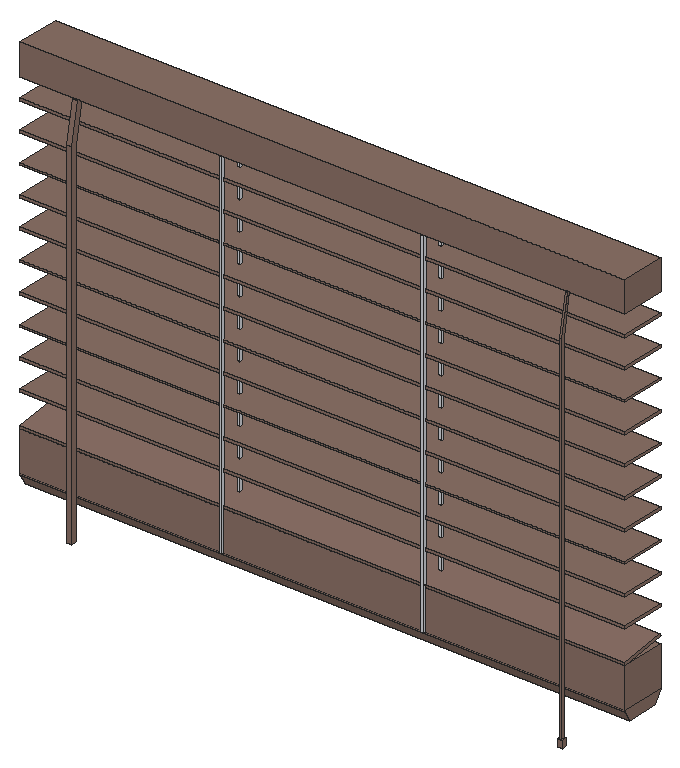
Revit family "Window-Treatment_Wood-Blinds_SWFcontract_Horizontal", category Specialty Equipment, Revit 2026
Family settings
  Round Connector Dimension = Use Diameter
  Part Type = Normal
  Classification Number = 23.30.60.14.11.11
  Work Plane-Based = Yes
  Enable Cutting in Views = No
  Always vertical = No
  Cut with Voids When Loaded = No
  Maintain Annotation Orientation = No
  Shared = No
  Room Calculation Point = No
Parameters
  slatvis [instance] = not(Percent Open > 90)  # yes
  lastslat [instance] = not(Percent Open > 95)  # yes
  Slat Width = 0' - 2 3/8"
  slatstackvis [instance] = Percent Open > 0  # yes
  slatstackdepthcount [instance] = ((Unit Height - (Header Height + 0' 0 5/8")) - percentopen) / 0' 1"  # 17
  slatstackdepth [instance] = if(slatstackvis, slatstackdepthcount * 0' 0 1/8", 0' 0")  # 0' - 2 1/8"
  percentopenknob [instance] = (Unit Height - (0' 10")) - ((Unit Height - (0' 10")) * (Percent Open / 100))  # 1' - 1"
  percentopen [instance] = (Unit Height - (Header Height + 0' 1")) - ((Unit Height - (Header Height + 0' 1")) * (Percent Open / 100))  # 1' - 4 11/16"
  Include Fabric Tapes [instance] = no
  Header Height = 0' - 1 5/8"
  Header Depth = 0' - 2 3/8"
  handlelength = Unit Height * 0.625  # 1' - 10 1/2"
  Warranty Duration (Years) = 0
  Unit Width = 2' - 8"
  Unit Height = 3' - 0"
  URL = "http://www.swfcontract.com/Pages/Home.aspx"
  Specification = "http://www.arcat.com/sdspecs/htm/12490swf.htm"
  SpecWizard = "http://www.arcat.com/specwizard/clients/springsw.html?coid=46294"
  Slat Spacing = 0' - 1 3/4"
  Slat Rotation [instance] = 0.00°
  Slat Count [instance] = if((percentopen / 2) < 0' 1 1/2", 2, (percentopen) / Slat Spacing)  # 10
  Send Message = "http://www.arcat.com/users.pl?action=UserEmail&company=SWFcontract&coid=46294&rep=147&fax=&mf="
  Sales Information = "http://www.swfcontract.com/Pages/Contact-Us.aspx"
  Revision = "R1_03-2014"
  Product Properties = ""
  Product Data = "http://www.arcat.com/arcatcos/cos46/arc46294.html"
  Percent Open [instance] = 50
  Model = "As Specified"
  Manufacturer Website = "http://www.swfcontract.com/Pages/Home.aspx"
  Manufacturer Phone - Toll Free = "800-327-9798"
  Manufacturer Phone = ""
  Manufacturer Fax = ""
  Manufacturer Address = "7549 Graber Rd.  Middleton, WI 53562-1096"
  Manufacturer = "SWFcontract"
  Maintenance Schedule (Months) = 0
  Keynote = "12490"
  Installation-Fabrication = ""
  Installation Phase = ""
  Green Building-LEED = "http://www.arcat.com/green/clients/leed_data_46294.html"
  Fixture Material [instance] = Wood - SWFcontract - Species as Specified Stain or Paint as Specified
  Fabric Tape Width [instance] = 0' - 1 1/2"
  Fabric Color [instance] = Wood - SWFcontract - Color as Specified
  Expected Lifespan (Years) = 0
  Drawn By = "Sumex Design, Inc. / Robert S. Weygant, CSI, CDT, SCIP"
  Description = "SWFcontract Window Treatment as Specified"
  Default Elevation = 0' - 0"
  Copyright = "©Arcat Inc."
  Control Chord Right [instance] = yes
  Control Chord Left [instance] = not(Control Chord Right)  # no
  Construction Details = "http://www.arcat.com/details/springsw/springsw.html?coid=46294"
  Coarse Medium View Blind Material [instance] = Wood - SWFcontract - Species as Specified Slats Stain or Paint as Specified
  Assembly Code = "E2010310"
Reference planes (in)
  plane 1 "Vertical Surface": y = 0
  plane 2 "Bottom": z = 0
  plane 3 "Center (Left/Right)": x = 0
  plane 4 "Left": x = -16
  plane 5 "Right": x = 16
  plane 6 "Top": z = 36
  plane 7: x = -10.66667
  plane 8: x = 10.66667
  plane 9: z = 14.9375
  plane 10: x = -5.33333
  plane 11: x = 5.33333
  plane 12: z = 34.375
  plane 13: z = 15.5625
  plane 14: z = 13
  plane 15: x = 13
  plane 16: x = -13
  plane 17: z = 33.25
  plane 18: z = 32.25
  plane 19: y = -2.375
  plane 20: y = -1.1875
  plane 21: y = 0
  plane 22: y = -2.375
  plane 23: z = 19.4375
  plane 24: z = 17.6875
Forms (in)
  Extrusion 1, solid, material "Wood - SWFcontract - Species as Specified Stain or Paint as Specified" <- "Fixture Material"
    sketch origin (0, 0, 0) x (0, 1, 0) y (0, 0, 1)
      loop
        line (0, 34.375) -> (0, 36) -> (-2.375, 36) -> (-2.375, 34.375) -> (0, 34.375)
    from -16 to 16
  Extrusion 2, solid, material "Wood - SWFcontract - Species as Specified Stain or Paint as Specified" <- "Fixture Material"
    sketch origin (15.5, -180, 2.35823) x (0, 0, 1) y (0, -1, 0)
      loop
        line (13.20427, -177.625) -> (12.57927, -177.98584) -> (12.57927, -179.63916) -> (13.20427, -180) -> (13.20427, -177.625)
    from -31.5 to 0.5
  Extrusion 3, solid, material "Wood - SWFcontract - Species as Specified Slats Stain or Paint as Specified" <- "Coarse Medium View Blind Material", detail levels coarse+medium
    sketch origin (0, 0, 0) x (0, 1, 0) y (0, 0, 1)
      loop
        line (0, 15.5625) -> (0, 34.24782) -> (-2.375, 34.24782) -> (-2.375, 15.5625) -> (0, 15.5625)
    from -16 to 16
  Extrusion 4, solid
    sketch origin (0, 0, 0) x (1, 0, 0) y (0, 1, 0)
      loop
        line (-5.39583, 0.0625) -> (-5.39583, -0.0625) -> (-5.27083, -0.0625) -> (-5.27083, 0.0625) -> (-5.39583, 0.0625)
      loop
        line (-5.39583, -2.3125) -> (-5.39583, -2.4375) -> (-5.27083, -2.4375) -> (-5.27083, -2.3125) -> (-5.39583, -2.3125)
      loop
        line (5.39583, 0.0625) -> (5.27083, 0.0625) -> (5.27083, -0.0625) -> (5.39583, -0.0625) -> (5.39583, 0.0625)
      loop
        line (5.39583, -2.3125) -> (5.27083, -2.3125) -> (5.27083, -2.4375) -> (5.39583, -2.4375) -> (5.39583, -2.3125)
      loop
        line (-5.39583, -1.25) -> (-5.27083, -1.25) -> (-5.27083, -1.125) -> (-5.39583, -1.125) -> (-5.39583, -1.25)
      loop
        line (5.27083, -1.25) -> (5.39583, -1.25) -> (5.39583, -1.125) -> (5.27083, -1.125) -> (5.27083, -1.25)
    from 15.5625 to 34.375
  Extrusion 5, solid, material "Wood - SWFcontract - Species as Specified Stain or Paint as Specified" <- "Fixture Material", visible <- "Control Chord Right"
    sketch origin (13, -180, 73.87488) x (0, 0, 1) y (0, -1, 0)
      loop
        line (-39.49988, -177.53399) -> (-41.5244, -177.15899) -> (-60.49988, -177.15899) -> (-60.49988, -177.25274) -> (-41.53675, -177.25274) -> (-39.49988, -177.63105) -> (-39.49988, -177.53399)
    from 0.04688 to -0.04688
  Extrusion 6, solid, material "Wood - SWFcontract - Species as Specified Stain or Paint as Specified" <- "Fixture Material", visible <- "Control Chord Right"
    sketch origin (13, -180, 73.87488) x (0, 0, 1) y (0, -1, 0)
      loop
        line (-60.49988, -177.08877) -> (-60.87488, -177.08877) -> (-60.87488, -177.33877) -> (-60.49988, -177.33877) -> (-60.49988, -177.08877)
    from 0.125 to -0.125
  Extrusion 7, solid, material "Wood - SWFcontract - Species as Specified Stain or Paint as Specified" <- "Fixture Material", visible <- "Control Chord Right"
    sketch origin (-13, -180, 75.35457) x (0, 0, 1) y (0, -1, 0)
      loop
        line (-40.97957, -177.53399) -> (-43.00409, -177.15899) -> (-61.85457, -177.15899) -> (-61.85457, -177.40047) -> (-43.06879, -177.40047) -> (-40.97957, -177.79281) -> (-40.97957, -177.53399)
    from 0.125 to -0.125
  Extrusion 8, solid, material "Wood - SWFcontract - Species as Specified Stain or Paint as Specified" <- "Fixture Material", visible <- "slatstackvis", detail levels fine
    sketch origin (0, 0, 0) x (0, 1, 0) y (0, 0, 1)
      loop
        line (-2.375, 15.5) -> (0, 15.5) -> (0, 17.6875) -> (-2.375, 17.6875) -> (-2.375, 15.5)
    from -16 to 16
  Extrusion 9, solid, material "Wood - SWFcontract - Species as Specified Stain or Paint as Specified" <- "Fixture Material", visible <- "Control Chord Left"
    sketch origin (13, -180, 73.87488) x (0, 0, 1) y (0, -1, 0)
      loop
        line (-39.49988, -177.53399) -> (-41.5244, -177.15899) -> (-60.37488, -177.15899) -> (-60.37488, -177.40047) -> (-41.58911, -177.40047) -> (-39.49988, -177.79281) -> (-39.49988, -177.53399)
    from 0.125 to -0.125
  Extrusion 10, solid, visible <- "Control Chord Left"
    sketch origin (-13, -180, 75.35457) x (0, 0, 1) y (0, -1, 0)
      loop
        line (-40.97957, -177.53399) -> (-43.00409, -177.15899) -> (-61.97957, -177.15899) -> (-61.97957, -177.25274) -> (-43.01643, -177.25274) -> (-40.97957, -177.63105) -> (-40.97957, -177.53399)
    from 0.04688 to -0.04688
  Extrusion 11, solid, material "Wood - SWFcontract - Species as Specified Stain or Paint as Specified" <- "Fixture Material", visible <- "Control Chord Left"
    sketch origin (-13, -180, 75.35457) x (0, 0, 1) y (0, -1, 0)
      loop
        line (-61.97957, -177.08877) -> (-62.35457, -177.08877) -> (-62.35457, -177.33877) -> (-61.97957, -177.33877) -> (-61.97957, -177.08877)
    from 0.125 to -0.125
  Sweep 12, solid, material "Wood - SWFcontract - Color as Specified" <- "Fabric Color", visible <- "Include Fabric Tapes"
    path origin (0, 0, 0) x (0, 1, 0) y (0, 0, 1)
      loop
        line (-2.375, 34.375) -> (-2.375, 15.5625) -> (-2.01416, 14.9375) -> (-0.36084, 14.9375) -> (0, 15.5625) -> (0, 34.375)
    profile origin (0, -2.375, 24.96875) x (1, 0, 0) y (0, 1, 0)
      loop
        line (-4.58333, 0) -> (-6.08333, 0) -> (-6.08333, -0.09375) -> (-4.58333, -0.09375) -> (-4.58333, 0)
      loop
        line (4.58333, 0) -> (4.58333, -0.09375) -> (6.08333, -0.09375) -> (6.08333, 0) -> (4.58333, 0)
Dimensions and locks (in)
  "Unit Width": plane 4 "Left" to plane 5 "Right"
  "Unit Height": plane 6 "Top" to level
  equal spacing: plane 5 "Right", plane 8, plane 11, plane 3 "Center (Left/Right)", plane 10, plane 7, plane 4 "Left"
  locked: plane 6 "Top" to Extrusion 3 sketch curve at 1.75218
  locked: plane 13 to plane 9 at 0.625
  "Header Height": plane 6 "Top" to plane 12
  Extrusion 4 sketch curve to plane 10 to Extrusion 4 sketch curve = 0' - 0 1/16" locked, 0' - 0 1/16" locked  (x2)
  Extrusion 4 sketch curve to plane 11 to Extrusion 4 sketch curve = 0' - 0 1/16" locked, 0' - 0 1/16" locked  (x3)
  "percentopenknob": plane 14 to level
  locked: Extrusion 5 sketch curve to plane 14 at 0.375
  locked: plane 16 to plane 4 "Left" at 3
  locked: plane 5 "Right" to plane 15 at 3
  locked: Extrusion 6 sketch curve to plane 14 at 0.375
  "handlelength": plane 6 "Top" to Extrusion 7 sketch curve
  locked: plane 17 to plane 12 at 1.125
  "percentopen": plane 13 to plane 18
  equal spacing: group 1, group 3, group 4, group 5, group 6, group 7, group 8, group 9, group 10, group 2  (x3)
  "slatstackdepth": plane 18 to plane 12
  "handlelength": plane 6 "Top" to Extrusion 9 sketch curve
  locked: Extrusion 10 sketch curve to Extrusion 10 sketch curve at 0.01234
  locked: Extrusion 10 sketch curve to plane 14 at 0.375
  "Header Depth": plane 19 to plane 1 "Vertical Surface"
  equal spacing: Extrusion 8 sketch curve, plane 20, Extrusion 8 sketch curve
  "Slat Width": Extrusion 8 sketch curve to Extrusion 8 sketch curve
  equal spacing: plane 22, plane 20, plane 21
  "Slat Width": plane 22 to plane 21
  Extrusion 4 sketch curve to plane 21 to Extrusion 4 sketch curve = 0' - 0 1/16" locked, 0' - 0 1/16" locked  (x2)
  Extrusion 4 sketch curve to plane 22 to Extrusion 4 sketch curve = 0' - 0 1/16" locked, 0' - 0 1/16" locked  (x2)
  equal spacing: Extrusion 3 sketch curve, plane 20, Extrusion 3 sketch curve
  "Slat Width": Extrusion 3 sketch curve to Extrusion 3 sketch curve
  equal spacing: plane 19, plane 20, plane 1 "Vertical Surface"
  Extrusion 5 sketch curve to Extrusion 5 sketch curve to Extrusion 5 sketch curve to plane 19 to Extrusion 5 sketch curve = 0' - 0 3/32" locked, 0' - 0 9/32" locked, 0' - 0.09101" locked, 0' - 0.00605" locked
  Extrusion 10 sketch curve to Extrusion 10 sketch curve to Extrusion 10 sketch curve to plane 19 to Extrusion 10 sketch curve = 0' - 0 3/32" locked, 0' - 0 9/32" locked, 0' - 0.09101" locked, 0' - 0.00605" locked
  Extrusion 6 sketch curve to Extrusion 6 sketch curve to plane 19 = 0' - 0 1/4" locked, 0' - 0.28623" locked
  Extrusion 11 sketch curve to Extrusion 11 sketch curve to plane 19 = 0' - 0 1/4" locked, 0' - 0.28623" locked
  locked: Extrusion 11 sketch curve to plane 14 at 0.375
  Extrusion 9 sketch curve to Extrusion 9 sketch curve to Extrusion 9 sketch curve to plane 19 to Extrusion 9 sketch curve = 0' - 0.24148" locked, 0' - 0.13352" locked, 0' - 0.09101" locked, 0' - 0.16781" locked
  Extrusion 7 sketch curve to Extrusion 7 sketch curve to Extrusion 7 sketch curve to plane 19 to Extrusion 7 sketch curve = 0' - 0.24148" locked, 0' - 0.13352" locked, 0' - 0.09101" locked, 0' - 0.16781" locked
  locked: Extrusion 2 sketch curve to plane 13 at 0.625
  equal spacing: Sweep 12 sketch curve, plane 20, Sweep 12 sketch curve
  "Slat Width": Sweep 12 sketch curve to Sweep 12 sketch curve
  equal spacing: Sweep 12 sketch curve, plane 10, Sweep 12 sketch curve
  "Fabric Tape Width": Sweep 12 sketch curve to Sweep 12 sketch curve  (x2)
  locked: Sweep 12 sketch curve to Sweep 12 sketch curve at 0.09375  (x2)
  equal spacing: Sweep 12 sketch curve, plane 11, Sweep 12 sketch curve
  Extrusion 4 sketch curve to plane 20 to Extrusion 4 sketch curve = 0' - 0 1/16" locked, 0' - 0 1/16" locked  (x2)
  Extrusion 4 sketch curve to plane 10 to Extrusion 4 sketch curve = 0' - 0 1/16", 0' - 0 1/16" locked
  "slatstackdepth": plane 13 to plane 24
  locked: Extrusion 8 sketch curve to plane 13 at 0.0625
  locked: plane 23 to plane 24 at 1.75
  locked: plane 19 to Extrusion 2 sketch curve (angle 30.00°)
  locked: Extrusion 2 sketch curve to plane 1 "Vertical Surface" (angle 30.00°)
  locked: plane 19 to Sweep 12 sketch curve (angle 30.00°)
  locked: Sweep 12 sketch curve to plane 1 "Vertical Surface" (angle 30.00°)
  aligned and locked: plane 5 "Right" to Extrusion 1
  aligned and locked: Extrusion 1 to plane 4 "Left"
  aligned and locked: plane 5 "Right" to Extrusion 2
  aligned and locked: Extrusion 2 to plane 4 "Left"
  aligned and locked: plane 5 "Right" to Extrusion 3
  aligned and locked: Extrusion 3 to plane 4 "Left"
  aligned and locked: Extrusion 4 to plane 12
  aligned and locked: plane 13 to Extrusion 4
  aligned and locked: plane 12 to Extrusion 5 sketch curve
  aligned and locked: plane 14 to Extrusion 6 sketch curve
  aligned and locked: plane 12 to Extrusion 7 sketch curve
  aligned and locked: nested 2 to plane 17
  aligned and locked: plane 5 "Right" to Extrusion 8
  aligned and locked: Extrusion 8 to plane 4 "Left"
  aligned and locked: plane 12 to Extrusion 9 sketch curve
  aligned and locked: plane 12 to Extrusion 10 sketch curve
  aligned and locked: plane 20 to nested 2
  aligned and locked: plane 20 to nested 1
  aligned and locked: plane 14 to Extrusion 11 sketch curve
  aligned and locked: plane 1 "Vertical Surface" to Extrusion 1 sketch curve
  aligned and locked: plane 13 to Extrusion 2 sketch curve
  aligned and locked: Extrusion 1 sketch curve to plane 19
  aligned and locked: Extrusion 1 sketch curve to plane 6 "Top"
  aligned and locked: Extrusion 3 sketch curve to plane 13
  aligned and locked: plane 12 to Sweep 12 sketch curve  (x2)
  aligned and locked: plane 13 to Sweep 12 sketch curve  (x2)
  aligned and locked: Sweep 12 sketch curve to plane 9
  aligned and locked: nested 1 to plane 23
  aligned and locked: plane 24 to Extrusion 8 sketch curve
Automatic sketch dimensions
  plane 17 to Extrusion 5 sketch curve = 0' - 0.91186"
  Extrusion 5 sketch curve to Extrusion 5 sketch curve = 0' - 0.01234"
  plane 17 to Extrusion 10 sketch curve = 0' - 0.91186"
  plane 17 to Extrusion 9 sketch curve = 0' - 0.96422"
  Extrusion 9 sketch curve to Extrusion 9 sketch curve = 0' - 0.0647"
  plane 17 to Extrusion 7 sketch curve = 0' - 0.96422"
  Extrusion 7 sketch curve to Extrusion 7 sketch curve = 0' - 0.0647"
  Extrusion 2 sketch curve to plane 1 "Vertical Surface" = 0' - 0"
  Extrusion 2 sketch curve to plane 19 = 0' - 0"
  plane 12 to Extrusion 1 sketch curve = 0' - 0"
  profile plane to Sweep 12 sketch curve = 0' - 0"  (x2)
Nested families (in)
  nested 1: "Slat" at (0, -1.1875, 19.4375), Unit Width <- "Unit Width", Blind Rotate <- "Slat Rotation", mat <- "Fixture Material", slat width <- "Slat Width", type "Curved Slat", detail levels fine
    with slat width 0' - 2 3/8", mat Wood - SWFcontract - Species as Specified Stain or Paint as Specified, Unit Width 2' - 8", Blind Rotate 0.00°
  nested 2: "Slat" at (0, -1.1875, 33.25), Unit Width <- "Unit Width", Blind Rotate <- "Slat Rotation", mat <- "Fixture Material", slat width <- "Slat Width", type "Curved Slat", detail levels fine
    with slat width 0' - 2 3/8", mat Wood - SWFcontract - Species as Specified Stain or Paint as Specified, Unit Width 2' - 8", Blind Rotate 0.00°
  nested 3: "Slat" at (0, -1.1875, 17.875), slat width <- "Slat Width", Unit Width <- "Unit Width", mat <- "Fixture Material", type "Curved Slat", detail levels fine
    with slat width 0' - 2 3/8", mat Wood - SWFcontract - Species as Specified Stain or Paint as Specified, Unit Width 2' - 8", Blind Rotate 9.00°
  nested 4: "Slat" at (0, -1.1875, 20.97222), Unit Width <- "Unit Width", Blind Rotate <- "Slat Rotation", mat <- "Fixture Material", slat width <- "Slat Width", type "Curved Slat", detail levels fine
    with slat width 0' - 2 3/8", mat Wood - SWFcontract - Species as Specified Stain or Paint as Specified, Unit Width 2' - 8", Blind Rotate 0.00°
  nested 5: "Slat" at (0, -1.1875, 22.50694), Unit Width <- "Unit Width", Blind Rotate <- "Slat Rotation", mat <- "Fixture Material", slat width <- "Slat Width", type "Curved Slat", detail levels fine
    with slat width 0' - 2 3/8", mat Wood - SWFcontract - Species as Specified Stain or Paint as Specified, Unit Width 2' - 8", Blind Rotate 0.00°
  nested 6: "Slat" at (0, -1.1875, 24.04167), Unit Width <- "Unit Width", Blind Rotate <- "Slat Rotation", mat <- "Fixture Material", slat width <- "Slat Width", type "Curved Slat", detail levels fine
    with slat width 0' - 2 3/8", mat Wood - SWFcontract - Species as Specified Stain or Paint as Specified, Unit Width 2' - 8", Blind Rotate 0.00°
  nested 7: "Slat" at (0, -1.1875, 25.57639), Unit Width <- "Unit Width", Blind Rotate <- "Slat Rotation", mat <- "Fixture Material", slat width <- "Slat Width", type "Curved Slat", detail levels fine
    with slat width 0' - 2 3/8", mat Wood - SWFcontract - Species as Specified Stain or Paint as Specified, Unit Width 2' - 8", Blind Rotate 0.00°
  nested 8: "Slat" at (0, -1.1875, 27.11111), Unit Width <- "Unit Width", Blind Rotate <- "Slat Rotation", mat <- "Fixture Material", slat width <- "Slat Width", type "Curved Slat", detail levels fine
    with slat width 0' - 2 3/8", mat Wood - SWFcontract - Species as Specified Stain or Paint as Specified, Unit Width 2' - 8", Blind Rotate 0.00°
  nested 9: "Slat" at (0, -1.1875, 28.64583), Unit Width <- "Unit Width", Blind Rotate <- "Slat Rotation", mat <- "Fixture Material", slat width <- "Slat Width", type "Curved Slat", detail levels fine
    with slat width 0' - 2 3/8", mat Wood - SWFcontract - Species as Specified Stain or Paint as Specified, Unit Width 2' - 8", Blind Rotate 0.00°
  nested 10: "Slat" at (0, -1.1875, 30.18056), Unit Width <- "Unit Width", Blind Rotate <- "Slat Rotation", mat <- "Fixture Material", slat width <- "Slat Width", type "Curved Slat", detail levels fine
    with slat width 0' - 2 3/8", mat Wood - SWFcontract - Species as Specified Stain or Paint as Specified, Unit Width 2' - 8", Blind Rotate 0.00°
  nested 11: "Slat" at (0, -1.1875, 31.71528), Unit Width <- "Unit Width", Blind Rotate <- "Slat Rotation", mat <- "Fixture Material", slat width <- "Slat Width", type "Curved Slat", detail levels fine
    with slat width 0' - 2 3/8", mat Wood - SWFcontract - Species as Specified Stain or Paint as Specified, Unit Width 2' - 8", Blind Rotate 0.00°
Definition of nested family "Slat"
  Parameters
    slat width [instance] = 0' - 1"
    mat [instance] = none
    Warranty Duration (Years) = 0
    Unit Width [instance] = 2' - 8"
    URL = ""
    Specification = ""
    SpecWizard = ""
    Send Message = ""
    Sales Information = ""
    Revision = "R1_01-2014"
    Product Properties = ""
    Product Data = ""
    Model = "As Specified"
    Manufacturer Website = ""
    Manufacturer Phone - Toll Free = ""
    Manufacturer Phone = ""
    Manufacturer Fax = ""
    Manufacturer Address = ""
    Manufacturer = ""
    Maintenance Schedule (Months) = 0
    Keynote = ""
    Installation-Fabrication = ""
    Installation Phase = ""
    Green Building-LEED = ""
    Expected Lifespan (Years) = 0
    Drawn By = "Sumex Design, Inc. / Robert S. Weygant, CSI, CDT, SCIP"
    Description = ""
    Default Elevation = 0' - 0"
    Copyright = "©Arcat Inc."
    Construction Details = ""
    Blind Rotate [instance] = 0.00°
    Assembly Code = ""
  Reference planes (in)
    plane 1 "Center (Front/Back)": y = 0
    plane 2 "Bottom": z = 0
    plane 3 "Center (Left/Right)": x = 0
    plane 4 "Left": x = -16
    plane 5 "Right": x = 16
  Forms (in)
    Sweep 1, solid, material <- "mat"
      path origin (0, 0, 0) x (1, 0, 0) y (0, 1, 0)
        loop
          line (-16, 0) -> (16, 0)
      profile "Family2 : Family2" origin (0, 0, 0) x (0, 1, 0) y (0, 0, 1)
        loop
          line (0.5, 0) -> (0.5, 0.125) -> (-0.5, 0.125) -> (-0.5, 0) -> (0.5, 0)
  Dimensions and locks (in)
    equal spacing: plane 4 "Left", plane 3 "Center (Left/Right)", plane 5 "Right"
    "Unit Width": plane 4 "Left" to plane 5 "Right"
    aligned and locked: plane 5 "Right" to Sweep 1 sketch curve
    aligned and locked: plane 4 "Left" to Sweep 1 sketch curve
  Automatic sketch dimensions
    plane 1 "Center (Front/Back)" to Sweep 1 sketch curve = 0' - 0"
